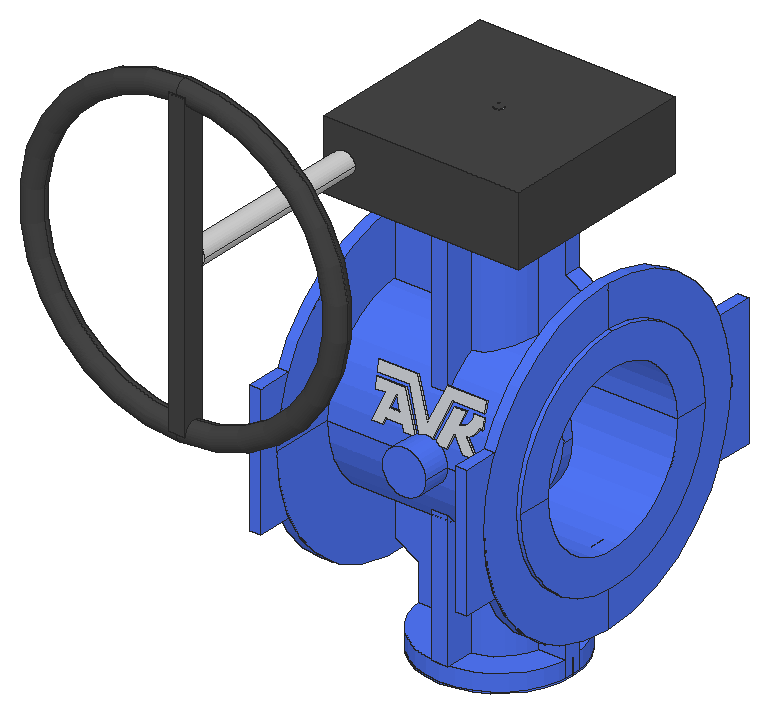
Revit family "756-100-771-DN150-1200", category Pipe Accessories, Revit 2019
Family settings
  Round Connector Dimension = Use Diameter
  Part Type = Valve - Breaks Into
  Work Plane-Based = No
  Always vertical = Yes
  Cut with Voids When Loaded = No
  Shared = No
Parameters (values of type "DN0150_PN25")
  W5(Addon) = if(DN > 699 mm, W5 / 1.075, if(DN > 449 mm, W5 / 1.1, if(DN > 149 mm, W5 / 1.2, W5 / 1.2)))  # 235 mm
  W5 = size_lookup(Search_table, "W5", 0 mm, DN)  # 282 mm
  W4 = size_lookup(Search_table, "W4", 0 mm, DN)  # 6 mm
  W3 = size_lookup(Search_table, "W3", 0 mm, DN)  # 6 mm
  W2 = size_lookup(Search_table, "W2", 0 mm, DN)  # 254 mm
  W1 = size_lookup(Search_table, "W1", 0 mm, DN)  # 162 mm
  URL_product_pages = "https://www.avkvalves.com/P.aspx?no=7560150174000"
  Rib_width_2 = Gear_box_Mount_Flange_width * 2  # 136 mm
  Rib_width = L - (Flange_Thickness * 2)  # 180 mm
  Rib_height_2 = H1 - Flange_OD  # 48 mm
  Rib_depth = if(DN > 149 mm, 15 mm, if(DN > 299 mm, 15 mm, if(DN > 399 mm, 20 mm, 20 mm)))  # 15 mm
  Rib_height = Flange_OD / 1.1  # 129.545 mm
  Rf_Dia = size_lookup(Search_table, "RF_Dia", 0 mm, DN) / 2  # 105.5 mm
  RF_Cut_Thickness = 5 mm  # constant formula
  Pin_width = L / 2  # 105 mm
  Pin_dia = HW_rod_Dia * 2  # 40 mm
  Pin_Depth = (DN + size_lookup(Search_table, "Flange_OD", 0 mm, DN)) / 2  # 217.5 mm
  Offset = size_lookup(Search_table, "Offset", 0 mm, DN)  # 3 mm
  L2 = size_lookup(Search_table, "L2", 0 mm, DN)  # 1 mm
  L1 = size_lookup(Search_table, "L1", 0 mm, DN)  # 1 mm
  L = size_lookup(Search_table, "L", 0 mm, DN)  # 210 mm
  ID (Radius) = DN / 2  # 75 mm
  Hand_wheel_rod = size_lookup(Search_table, "Hand_wheel_rod", 0 mm, DN)  # 36.5 mm
  HW_rod_Dia = size_lookup(Search_table, "HW_rod_Dia", 0 mm, DN)  # 20 mm
  HW_height = W5 - (HW_rod_Dia / 2)  # 272 mm
  HW_Ref = size_lookup(Search_table, "HW_Ref", 0 mm, DN)  # 71 mm
  HW_Connecting_Rib_ref = (W2 + H1) / 2  # 222.25 mm
  HW_Connecting_Rib = D * 2  # 280 mm
  H2 = size_lookup(Search_table, "H2", 0 mm, DN)  # 192 mm
  H1 = size_lookup(Search_table, "H1", 0 mm, DN)  # 190.5 mm
  Gear_box_width = Gear_box_Mount_Flange_width * 1.32  # 89.76 mm
  Flange_Thickness = size_lookup(Search_table, "Flange_Thickness", 0 mm, DN)  # 15 mm
  Flange_OD = size_lookup(Search_table, "Flange_OD", 0 mm, DN) / 2  # 142.5 mm
  Disc_Dia = size_lookup(Search_table, "Disc_Dia", 0 mm, DN)  # 133 mm
  Disc _width = if(DN > 499 mm, 35 mm, if(DN > 399 mm, 25 mm, if(DN > 349 mm, 20 mm, if(DN > 249 mm, 15 mm, if(DN > 149 mm, 10 mm, 10 mm)))))  # 10 mm
  Description_ = "AVK DOUBLE ECC. BUTTERFLY VALVE, LONG"
  DN900_PN25 = "756-0900-1-74000"
  DN800_PN25 = "756-0800-1-74000"
  DN700_PN25 = "756-0700-1-74000"
  DN1200_PN25 = "756-1200-1-74000"
  DN1000_PN25 = "756-1000-1-74000"
  DN = 150 mm
  Search_table = "756-100-771-DN150-1200"
  DN600_PN25 = "756-0600-1-74000"
  DN500_PN25 = "756-0500-1-74000"
  DN450_PN25 = "756-0450-1-74000"
  DN400_PN25 = "756-0400-1-74000"
  DN350_PN25 = "756-0350-1-74000"
  DN300_PN25 = "756-0300-1-74000"
  DN250_PN25 = "756-0250-1-74000"
  DN200_PN25 = "756-0200-1-74000"
  DN150_PN25 = "756-0150-1-74000"
  D1 = 12.3 mm  # constant formula
  D = size_lookup(Search_table, "D", 0 mm, DN) / 2 - (HW_rod_Dia / 2)  # 140 mm
  C_rod = if(DN > 499 mm, 34 mm, if(DN > 399 mm, 24 mm, if(DN > 349 mm, 19 mm, if(DN > 249 mm, 14 mm, if(DN > 149 mm, 9 mm, 9 mm)))))  # 9 mm
  Bottom_width = size_lookup(Search_table, "Bottom_width", 0 mm, DN)  # 120 mm
  Bottom_Depth = DN * 1.5  # 225 mm
  Gear_box_Mount_width = size_lookup(Search_table, "Gear_box_Mount_width", 0 mm, DN) * 2  # 43 mm
  Gear_box_Mount_Flange_width = size_lookup(Search_table, "Gear_box_Mount_Flange_width", 0 mm, DN) / 2  # 68 mm
  Gear_box_Mount_Flange_thickness = size_lookup(Search_table, "Gear_box_Mount_Flange_thickness", 0 mm, DN)  # 15 mm
  Body_wallthickness = 10 mm  # constant formula
Types (15, lengths in mm): name | W5(Addon) | W5 | W4 | W3 | W2 | W1 | Rib_width_2 | Rib_width | Rib_height_2 | Rib_height | Rf_Dia | Pin_width | Pin_Depth | Offset | L2 | L1 | L | ID (Radius) | Hand_wheel_rod | HW_height | HW_Ref | HW_Connecting_Rib_ref | HW_Connecting_Rib | H2 | H1 | Gear_box_width | Flange_Thickness | Flange_OD | Disc_Dia | Disc _width | DN | D | C_rod | Bottom_width | Bottom_Depth | Gear_box_Mount_width | Gear_box_Mount_Flange_width | Gear_box_Mount_Flange_thickness
  (no name) | 235 | 282 | 6 | 6 | 254 | 162 | 136 | 180 | 48 | 129.545 | 105.5 | 105 | 217.5 | 3 | 1 | 1 | 210 | 75 | 36.5 | 272 | 71 | 222.25 | 280 | 192 | 190.5 | 89.76 | 15 | 142.5 | 133 | 10 | 150 | 140 | 9 | 120 | 225 | 43 | 68 | 15
  DN0150_PN25 | 235 | 282 | 6 | 6 | 254 | 162 | 136 | 180 | 48 | 129.545 | 105.5 | 105 | 217.5 | 3 | 1 | 1 | 210 | 75 | 36.5 | 272 | 71 | 222.25 | 280 | 192 | 190.5 | 89.76 | 15 | 142.5 | 133 | 10 | 150 | 140 | 9 | 120 | 225 | 43 | 68 | 15
  DN0200_PN25 | 230.833 | 277 | 6 | 6 | 288 | 190 | 136 | 200 | 46.5 | 154.545 | 133 | 115 | 270 | 5 | 1 | 1 | 230 | 100 | 31.5 | 267 | 71 | 252.25 | 230 | 223 | 216.5 | 89.76 | 15 | 170 | 180 | 10 | 200 | 115 | 9 | 140 | 300 | 43 | 68 | 15
  DN0250_PN25 | 255 | 306 | 6 | 6 | 333 | 223 | 124 | 220 | 48 | 184.091 | 159.5 | 125 | 327.5 | 5 | 1 | 1 | 250 | 125 | 31.5 | 296 | 71 | 291.75 | 380 | 268 | 250.5 | 81.84 | 15 | 202.5 | 227 | 15 | 250 | 190 | 14 | 170 | 375 | 37 | 62 | 15
  DN0300_PN25 | 255 | 306 | 115 | 17 | 368 | 253 | 150 | 230 | 51.5 | 209.091 | 185 | 135 | 380 | 6 | 12 | 1 | 270 | 150 | 31 | 296 | 71 | 324.75 | 380 | 303 | 281.5 | 99 | 20 | 230 | 282.17 | 15 | 300 | 190 | 14 | 210 | 450 | 45 | 75 | 20
  DN0350_PN25 | 255 | 306 | 176 | 155 | 393 | 288 | 160 | 250 | 48 | 236.364 | 214.5 | 145 | 435 | 3 | 25 | 19 | 290 | 175 | 30.5 | 296 | 71 | 350.5 | 380 | 331 | 308 | 105.6 | 20 | 260 | 334 | 20 | 350 | 190 | 19 | 210 | 525 | 50 | 80 | 20
  DN0400_PN25 | 255 | 306 | 234 | 217 | 435 | 320 | 150 | 270 | 60 | 263.636 | 240 | 155 | 490 | 3 | 40 | 34 | 310 | 200 | 32 | 296 | 80 | 392.5 | 380 | 373 | 350 | 99 | 20 | 290 | 383 | 25 | 400 | 190 | 24 | 260 | 600 | 45 | 75 | 20
  DN0450_PN25 | 419.091 | 461 | 285 | 270 | 503 | 345 | 185 | 270 | 70 | 290.909 | 265 | 165 | 545 | 3 | 54 | 48 | 330 | 225 | 30 | 451 | 86 | 446.5 | 580 | 411 | 390 | 122.1 | 30 | 320 | 432 | 25 | 450 | 290 | 24 | 280 | 675 | 58 | 92.5 | 30
  DN0500_PN25 | 419.091 | 461 | 338 | 325 | 546 | 375 | 185 | 290 | 90 | 304.545 | 291 | 175 | 585 | 3 | 69 | 63 | 350 | 250 | 30 | 451 | 86 | 485.5 | 580 | 454 | 425 | 122.1 | 30 | 335 | 482.61 | 35 | 500 | 290 | 34 | 320 | 750 | 58 | 92.5 | 30
  DN0600_PN25 | 408.182 | 449 | 434 | 424 | 632 | 430 | 205 | 330 | 120 | 354.545 | 341 | 195 | 690 | 3 | 98 | 92 | 390 | 300 | 31.5 | 439 | 104 | 571 | 680 | 541 | 510 | 135.3 | 30 | 390 | 579 | 35 | 600 | 340 | 34 | 400 | 900 | 62.5 | 102.5 | 30
  DN0700_PN25 | 530.233 | 570 | 537 | 527 | 706 | 483 | 204 | 350 | 80 | 413.636 | 397 | 215 | 805 | 3 | 130 | 124 | 430 | 350 | 33 | 560 | 110 | 620.5 | 680 | 566 | 535 | 134.64 | 40 | 455 | 684 | 35 | 700 | 340 | 34 | 427 | 1050 | 62 | 102 | 30
  DN0800_PN25 | 530.233 | 570 | 635 | 626 | 815 | 546 | 223 | 390 | 107.5 | 465.909 | 450 | 235 | 912.5 | 3 | 161 | 155 | 470 | 400 | 36 | 560 | 125 | 717.5 | 680 | 650 | 620 | 147.18 | 40 | 512.5 | 786.5 | 35 | 800 | 340 | 34 | 460 | 1200 | 68 | 111.5 | 40
  DN0900_PN25 | 530.233 | 570 | 729 | 721 | 865 | 593 | 241 | 430 | 112 | 510.909 | 500 | 255 | 1012 | 3 | 191 | 185 | 510 | 450 | 39 | 560 | 128 | 769.5 | 680 | 701 | 674 | 159.06 | 40 | 562 | 886.5 | 35 | 900 | 340 | 34 | 524 | 1350 | 74 | 120.5 | 40
  DN1000_PN25 | 530.233 | 570 | 824 | 813 | 935 | 663 | 259 | 470 | 117.5 | 570.455 | 556 | 275 | 1127.5 | 3 | 222 | 216 | 550 | 500 | 42 | 560 | 130 | 840 | 680 | 771 | 745 | 170.94 | 40 | 627.5 | 988 | 35 | 1000 | 340 | 34 | 588 | 1500 | 80 | 129.5 | 40
  DN1200_PN25 | 586.512 | 630.5 | 987 | 982 | 1031 | 768 | 277 | 550 | 107.5 | 675 | 666 | 315 | 1342.5 | 3 | 272 | 268 | 630 | 600 | 45 | 620.5 | 128 | 940.5 | 680 | 899 | 850 | 182.82 | 40 | 742.5 | 1172.5 | 35 | 1200 | 340 | 34 | 653 | 1800 | 84 | 138.5 | 40
Reference planes
  plane 1 "Center (Front/Back)": y = 0
  plane 2: z = 0
  plane 3 "Center (Left/Right)": x = 0
  plane 4: y = 75
  plane 5: y = 85
  plane 6: x = 105
  plane 7: x = 90
  plane 8: x = -90
  plane 9: x = -105
  plane 10: z = 190.5
  plane 11: x = 68
  plane 12: z = 175.5
  plane 13: z = -190.5
  plane 14: x = 68
  plane 15: z = -175.5
  plane 16: x = 43
  plane 17: x = 68
  plane 18: x = -68
  plane 19: z = 190.5
  plane 20: z = 142.5
  plane 21: z = 75
  plane 22: x = 90
  plane 23: x = -90
  plane 24: z = 129.545
  plane 25: y = 7.5
  plane 26: y = -7.5
  plane 27: x = 68
  plane 28: x = -68
  plane 29: z = -190.5
  plane 30: z = -142.5
  plane 31: z = -75
  plane 32: x = 90
  plane 33: x = -90
  plane 34: z = -129.545
  plane 35: y = 68
  plane 36: y = -68
  plane 37: x = -7.5
  plane 38: x = 7.5
  plane 39: z = 60
  plane 40: z = -60
  plane 41: y = -162
  plane 42: y = 162
  plane 43: z = 254
  plane 44: x = -89.76
  plane 45: x = 89.76
  plane 46: y = 89.76
  plane 47: y = -89.76
  plane 48: y = -282
  plane 49: y = -262
  plane 50: z = -192
  plane 51: z = 254
  plane 52: x = 43
  plane 53: y = 75
  plane 54: y = -75
  plane 55: y = 108.75
  plane 56: y = -108.75
  plane 57: x = -71
  plane 58: z = 222.25
  plane 59: x = -403
  plane 60: x = -3
  plane 61: z = 86.159
  plane 62: z = -77.255
  plane 63: y = -5
  plane 64: y = 5
  plane 65: z = 369.956
  plane 66: z = -319.045
  plane 67: z = -4.897
  plane 68: z = 3
  plane 69: z = -3
  plane 70: y = -235
  plane 71: z = 57.131
  plane 72: z = -57.131
  plane 73: z = -3
  plane 74: z = 3
  plane 75: z = 228.4
  plane 76: z = 216.1
  plane 77: y = -272
Forms (mm)
  Revolve 1, solid, material "Plastic"
    sketch origin (0, 0, 0) x (1, 0, 0) y (0, 1, 0)
      loop
        line (-90, 85) -> (-90, 142.5) -> (-105, 142.5) -> (-105, 75) -> (105, 75) -> (105, 142.5) -> (90, 142.5) -> (90, 85) -> (-90, 85)
      axis (-105, 0) -> (105, 0)
    angle from 0 to 360
  Revolve 2, solid, material "Plastic"
    sketch origin (0, 0, 0) x (1, 0, 0) y (0, 0, 1)
      loop
        line (43, 175.5) -> (68, 175.5) -> (68, 190.5) -> (0, 190.5) -> (0, 75) -> (43, 75) -> (43, 175.5)
      axis (0, 75) -> (0, 190.5)
    angle from 0 to 360
  Revolve 3, solid, material "Plastic"
    sketch origin (0, 0, 0) x (1, 0, 0) y (0, 0, -1)
      loop
        line (43, 75) -> (43, 175.5) -> (68, 175.5) -> (68, 190.5) -> (0, 190.5) -> (0, 75) -> (43, 75)
      axis (0, 75) -> (0, 190.5)
    angle from 0 to 360
  Revolve 4, solid, material "Plastic"
    sketch origin (0, 0, 0) x (1, 0, 0) y (0, 0, 1)
      loop
        line (0, -190.5) -> (0, -192) -> (68, -192) -> (68, -190.5) -> (0, -190.5)
      axis (0, -192) -> (0, -190.5)
    angle from 0 to 360
  Extrusion 5, solid, material "Plastic"
    sketch origin (0, 0, 0) x (1, 0, 0) y (0, 0, 1)
      loop
        line (68, 190.5) -> (-68, 190.5) -> (-68, 142.5) -> (-90, 129.545) -> (-90, 75) -> (90, 75) -> (90, 129.545) -> (68, 142.5) -> (68, 190.5)
    from -7.5 to 7.5
  Extrusion 6, solid, material "Plastic"
    sketch origin (0, 0, 0) x (1, 0, 0) y (0, 0, 1)
      loop
        line (68, -190.5) -> (68, -142.5) -> (90, -129.545) -> (90, -75) -> (-90, -75) -> (-90, -129.545) -> (-68, -142.5) -> (-68, -190.5) -> (68, -190.5)
    from -7.5 to 7.5
  Extrusion 7, solid, material "Plastic"
    sketch origin (0, 0, 0) x (0, 1, 0) y (0, 0, 1)
      loop
        line (68, 175.5) -> (-68, 175.5) -> (-68, -175.5) -> (68, -175.5) -> (68, 175.5)
    from -7.5 to 7.5
  Extrusion 8, solid, material "Plastic"
    sketch origin (0, 0, 0) x (0, 1, 0) y (0, 0, 1)
      loop
        line (162, -60) -> (162, 60) -> (129.253, 60)
        arc (129.253, 60) -> (139.149, 30.723) -> (142.5, 0) r 142.5
        arc (142.5, 0) -> (139.149, -30.723) -> (129.253, -60) r 142.5
        line (129.253, -60) -> (162, -60)
      loop
        line (-162, 60) -> (-162, -60) -> (-129.253, -60)
        arc (-129.253, -60) -> (-139.149, -30.723) -> (-142.5, 0) r 142.5
        arc (-142.5, 0) -> (-139.149, 30.723) -> (-129.253, 60) r 142.5
        line (-129.253, 60) -> (-162, 60)
    from 90 to 105
  Extrusion 9, void
    sketch origin (0, 0, 0) x (0, 1, 0) y (0, 0, 1)
      loop
        circle (0, 0) r 75
    from -105 to 105
  Extrusion 10, solid, material "Plastic"
    sketch origin (0, 0, 0) x (0, 1, 0) y (0, 0, -1)
      loop
        line (-162, -60) -> (-129.253, -60)
        arc (-129.253, -60) -> (-139.149, -30.723) -> (-142.5, 0) r 142.5
        arc (-142.5, 0) -> (-139.149, 30.723) -> (-129.253, 60) r 142.5
        line (-129.253, 60) -> (-162, 60) -> (-162, -60)
      loop
        line (162, 60) -> (129.253, 60)
        arc (129.253, 60) -> (139.149, 30.723) -> (142.5, 0) r 142.5
        arc (142.5, 0) -> (139.149, -30.723) -> (129.253, -60) r 142.5
        line (129.253, -60) -> (162, -60) -> (162, 60)
    from 90 to 105
  Extrusion 11, solid, material "Plastic(1)"
    sketch origin (0, 0, 0) x (1, 0, 0) y (0, 0, 1)
      loop
        line (-89.76, 190.5) -> (89.76, 190.5) -> (89.76, 254) -> (-89.76, 254) -> (-89.76, 190.5)
    from -89.76 to 89.76
  Extrusion 12, solid, material "Stainless Steel AISI 304(1)"
    sketch origin (0, 0, 0) x (1, 0, 0) y (0, 0, 1)
      loop
        circle (-71, 222.25) r 10
    from 0 to 262
  Extrusion 13, solid, material "Plastic"
    sketch origin (0, 0, 0) x (1, 0, 0) y (0, 0, 1)
      loop
        circle (0, 0) r 20
    from -108.75 to -75
  Extrusion 14, solid, material "Plastic"
    sketch origin (0, 0, 0) x (1, 0, 0) y (0, 0, 1)
      loop
        circle (0, 0) r 20
    from 108.75 to 75
  Extrusion 15, solid, material "Plastic"
    sketch origin (0, 0, 0) x (1, 0, 0) y (0, 0, 1)
      loop
        circle (-3, 0) r 66.5
    from -5 to 5
  Extrusion 16, solid
    sketch origin (0, 0, 0) x (1, 0, 0) y (0, 1, 0)
      loop
        circle (0, 0) r 4.5
    from -192 to 254
  Revolve 17, void
    sketch origin (0, 0, 0) x (1, 0, 0) y (0, 0, 1)
      loop
        line (100, 192) -> (100, 105.5) -> (105, 105.5) -> (105, 192) -> (100, 192)
      loop
        line (-100, 192) -> (-105, 192) -> (-105, 105.5) -> (-100, 105.5) -> (-100, 192)
      axis (-105, 0) -> (105, 0)
    angle from 0 to 360
  Revolve 18, solid, material "Plastic(1)"
    sketch origin (-71, -1524, 372.903) x (0, 0, 1) y (0, -1, 0)
      loop
        circle (-10.653, -1252) r 10
      axis (-150.653, -1252) -> (-150.653, -1251)
    angle from 0 to 360
  Extrusion 19, solid, material "Plastic(1)"
    sketch origin (0, 0, 0) x (1, 0, 0) y (0, 0, 1)
      loop
        line (-78.5, 362.25) -> (-78.5, 82.25) -> (-63.5, 82.25) -> (-63.5, 362.25) -> (-78.5, 362.25)
    from 282 to 262
Cuts and joins
  Extrusion 9, Revolve 17 cuts Revolve 1
  Extrusion 9 cuts Extrusion 7
  Extrusion 9, Revolve 17 cuts Extrusion 8
  Revolve 17 cuts Extrusion 10
Dimensions and locks
  equal spacing: plane 9, plane 3 "Center (Left/Right)", plane 6
  "L": plane 9 to plane 6
  "ID (Radius)": plane 4 to plane 1 "Center (Front/Back)"
  "Body_wallthickness": plane 5 to plane 4
  "Flange_Thickness": plane 7 to plane 6
  "Flange_Thickness": plane 9 to plane 8
  "Flange_OD": plane 1 "Center (Front/Back)" to Revolve 1 sketch curve
  "H1": plane 10 to level
  "Gear_box_Mount_Flange_thickness": plane 10 to plane 12
  "ID (Radius)": Revolve 2 sketch curve to level
  "Gear_box_Mount_Flange_width": plane 3 "Center (Left/Right)" to plane 11
  "Gear_box_Mount_Flange_thickness": plane 13 to plane 15
  "H1": level to plane 13
  "ID (Radius)": level to Revolve 3 sketch curve
  "Gear_box_Mount_Flange_width": Revolve 4 sketch curve to Revolve 4 sketch curve
  "ID (Radius)": plane 21 to level
  "H1": plane 19 to level
  "Gear_box_Mount_Flange_width": plane 3 "Center (Left/Right)" to plane 17
  "Gear_box_Mount_Flange_width": plane 18 to plane 3 "Center (Left/Right)"
  "Rib_height": plane 24 to level
  equal spacing: plane 25, plane 1 "Center (Front/Back)", plane 26
  "Rib_depth": plane 25 to plane 26
  equal spacing: plane 22, plane 3 "Center (Left/Right)", plane 23
  "Rib_width": plane 22 to plane 23
  "Rib_height_2": plane 19 to plane 20
  "Rib_height_2": plane 29 to plane 30
  "Rib_height": level to plane 34
  "Gear_box_Mount_Flange_width": plane 28 to plane 3 "Center (Left/Right)"
  "Gear_box_Mount_Flange_width": plane 3 "Center (Left/Right)" to plane 27
  "ID (Radius)": level to plane 31
  "H1": level to plane 29
  equal spacing: plane 32, plane 3 "Center (Left/Right)", plane 33
  "Rib_width": plane 32 to plane 33
  equal spacing: plane 35, plane 1 "Center (Front/Back)", plane 36
  equal spacing: plane 37, plane 3 "Center (Left/Right)", plane 38
  "Rib_depth": plane 37 to plane 38
  equal spacing: plane 42, plane 1 "Center (Front/Back)", plane 41
  "W1": plane 1 "Center (Front/Back)" to plane 41
  "W1": plane 42 to plane 1 "Center (Front/Back)"
  "Bottom_width": plane 39 to plane 40
  equal spacing: plane 39, level, plane 40
  "W2": plane 43 to level
  equal spacing: plane 45, plane 3 "Center (Left/Right)", plane 44
  equal spacing: plane 46, plane 1 "Center (Front/Back)", plane 47
  "Rib_width_2": plane 35 to plane 36
  "Gear_box_width": plane 45 to plane 3 "Center (Left/Right)"
  "Gear_box_width": plane 1 "Center (Front/Back)" to plane 47
  "W5": plane 1 "Center (Front/Back)" to plane 48  (x2)
  "H2": level to Revolve 4 sketch curve
  "HW_rod_Dia": plane 49 to plane 48
  "H2": level to plane 50
  "W2": plane 51 to level
  "W1": plane 1 "Center (Front/Back)" to Extrusion 10
  "Gear_box_Mount_width": plane 52 to plane 3 "Center (Left/Right)"
  "Gear_box_Mount_width": plane 3 "Center (Left/Right)" to plane 16
  "Gear_box_Mount_Flange_width": plane 3 "Center (Left/Right)" to plane 14
  "Pin_width": cut or joined group of Extrusion 8, Extrusion 9, Revolve 17 to Extrusion 13 sketch curve
  "H2": Extrusion 13 sketch curve to Revolve 4
  equal spacing: plane 53, plane 1 "Center (Front/Back)", plane 54
  "DN": plane 53 to plane 54
  equal spacing: plane 55, plane 1 "Center (Front/Back)", plane 56
  "Pin_Depth": plane 55 to plane 56
  "HW_Ref": plane 3 "Center (Left/Right)" to Extrusion 12 sketch curve
  "HW_Ref": plane 3 "Center (Left/Right)" to plane 57
  "HW_Connecting_Rib_ref": plane 58 to level
  plane 3 "Center (Left/Right)" to plane 59 = 403 mm
  cut or joined group of Revolve 1, Extrusion 9, Revolve 17 to cut or joined group of Revolve 1, Extrusion 9, Revolve 17 = 210 mm  (x2)
  "Offset": plane 60 to plane 3 "Center (Left/Right)"
  plane 61 to plane 62 = 163.413 mm
  cut or joined group of Revolve 1, Extrusion 9, Revolve 17 to Extrusion 15 = 35.5 mm
  Extrusion 15 to cut or joined group of Revolve 1, Extrusion 9, Revolve 17 = 41.5 mm
  equal spacing: plane 64, plane 1 "Center (Front/Back)", plane 63
  equal spacing: cut or joined group of Revolve 1, Extrusion 9, Revolve 17, Extrusion 16 sketch curve, cut or joined group of Revolve 1, Extrusion 9, Revolve 17
  equal spacing: plane 53, Extrusion 16 sketch curve, plane 54
  plane 65 to Extrusion 11 = 115.956 mm
  Revolve 4 to plane 66 = 127.045 mm
  "Disc _width": plane 64 to plane 63
  "HW_Connecting_Rib_ref": Extrusion 12 sketch curve to level
  "H2": Revolve 17 sketch curve to level
  "Rf_Dia": Revolve 17 sketch curve to level
  "RF_Cut_Thickness": Revolve 17 sketch curve to Revolve 17 sketch curve  (x2)
  "W5(Addon)": plane 1 "Center (Front/Back)" to plane 70
  "W3": plane 68 to plane 73
  "W4": plane 74 to plane 69
  equal spacing: plane 74, level, plane 69
  equal spacing: plane 68, level, plane 73
  "D1": plane 76 to plane 75
  equal spacing: plane 76, plane 58, plane 75
  "HW_height": plane 1 "Center (Front/Back)" to Revolve 18 sketch curve
  "D": Revolve 18 sketch curve to plane 58
  "HW_height": plane 1 "Center (Front/Back)" to plane 77
  equal spacing: Extrusion 19 sketch curve, plane 57, Extrusion 19 sketch curve
  "Rib_depth": Extrusion 19 sketch curve to Extrusion 19 sketch curve
  equal spacing: Extrusion 19 sketch curve, plane 58, Extrusion 19 sketch curve
  "HW_Connecting_Rib": Extrusion 19 sketch curve to Extrusion 19 sketch curve
  plane 1 "Center (Front/Back)" to plane 48 = 282 mm
  "Pin_dia": diameter of Extrusion 13 sketch curve
  "HW_rod_Dia": diameter of Extrusion 12 sketch curve
  "Disc_Dia": diameter of Extrusion 15 sketch curve
  "C_rod": diameter of Extrusion 16 sketch curve
  "HW_rod_Dia": diameter of Revolve 18 sketch curve
  aligned and locked: level to plane 2
  aligned and locked: plane 4 to Revolve 1 sketch curve
  aligned and locked: plane 5 to Revolve 1 sketch curve
  aligned and locked: Revolve 1 sketch curve to plane 6
  aligned and locked: plane 7 to Revolve 1 sketch curve
  aligned and locked: Revolve 1 sketch curve to plane 8
  aligned and locked: plane 9 to Revolve 1 sketch curve
  aligned and locked: Revolve 1 sketch curve to Revolve 1 sketch curve
  aligned and locked: plane 1 "Center (Front/Back)" to Revolve 1 sketch curve
  aligned and locked: Revolve 2 sketch curve to Revolve 2 sketch curve
  aligned and locked: plane 10 to Revolve 2 sketch curve
  aligned and locked: plane 11 to Revolve 2 sketch curve  (x2)
  aligned and locked: plane 12 to Revolve 2 sketch curve
  aligned and locked: Revolve 2 sketch curve to plane 3 "Center (Left/Right)"
  aligned and locked: Revolve 3 sketch curve to plane 14
  aligned and locked: plane 13 to Revolve 3 sketch curve
  aligned and locked: plane 3 "Center (Left/Right)" to Revolve 4 sketch curve  (x2)
  aligned and locked: plane 17 to Extrusion 5 sketch curve  (x2)
  aligned and locked: plane 19 to Extrusion 5 sketch curve  (x2)
  aligned and locked: plane 18 to Extrusion 5 sketch curve  (x2)
  aligned and locked: plane 20 to Extrusion 5 sketch curve  (x2)
  aligned and locked: plane 24 to Extrusion 5 sketch curve  (x2)
  aligned and locked: plane 22 to Extrusion 5 sketch curve
  aligned and locked: plane 23 to Extrusion 5 sketch curve
  aligned and locked: Extrusion 5 sketch curve to plane 23
  aligned and locked: plane 21 to Extrusion 5 sketch curve
  aligned and locked: Extrusion 5 sketch curve to plane 22
  aligned and locked: plane 25 to Extrusion 5
  aligned and locked: Extrusion 5 to plane 26
  aligned and locked: Extrusion 6 sketch curve to plane 27
  aligned and locked: plane 27 to Extrusion 6 sketch curve
  aligned and locked: Extrusion 6 sketch curve to plane 32  (x2)
  aligned and locked: Extrusion 6 sketch curve to plane 33  (x2)
  aligned and locked: Extrusion 6 sketch curve to plane 31
  aligned and locked: plane 31 to Extrusion 6 sketch curve
  aligned and locked: plane 34 to Extrusion 6 sketch curve  (x2)
  aligned and locked: Extrusion 6 sketch curve to plane 28
  aligned and locked: plane 30 to Extrusion 6 sketch curve  (x2)
  aligned and locked: plane 29 to Extrusion 6 sketch curve  (x2)
  aligned and locked: plane 28 to Extrusion 6 sketch curve
  aligned and locked: plane 35 to Extrusion 7 sketch curve
  aligned and locked: plane 36 to Extrusion 7 sketch curve
  aligned and locked: Extrusion 7 sketch curve to Revolve 2
  aligned and locked: Extrusion 7 to plane 38
  aligned and locked: plane 37 to Extrusion 7
  aligned and locked: plane 39 to Extrusion 8 sketch curve  (x4)
  aligned and locked: Extrusion 8 to Revolve 1  (x2)
  aligned and locked: Extrusion 9 sketch curve to Revolve 1  (x2)
  aligned and locked: plane 41 to Extrusion 8 sketch curve  (x2)
  aligned and locked: plane 40 to Extrusion 8 sketch curve  (x2)
  aligned and locked: plane 42 to Extrusion 8 sketch curve  (x2)
  aligned and locked: Extrusion 8 sketch curve to cut or joined group of Revolve 1, Extrusion 9, Revolve 17  (x4)
  aligned and locked: Extrusion 10 sketch curve to cut or joined group of Extrusion 8, Extrusion 9, Revolve 17  (x6)
  aligned and locked: Extrusion 10 sketch curve to cut or joined group of Revolve 1, Extrusion 9, Revolve 17  (x3)
  aligned and locked: Extrusion 10 to Extrusion 5
  aligned and locked: Extrusion 10 to cut or joined group of Revolve 1, Extrusion 9, Revolve 17
  aligned and locked: Extrusion 11 sketch curve to Revolve 2
  aligned and locked: plane 44 to Extrusion 11 sketch curve
  aligned and locked: plane 43 to Extrusion 11 sketch curve  (x2)
  aligned and locked: plane 45 to Extrusion 11 sketch curve
  aligned and locked: Extrusion 11 to plane 47
  aligned and locked: plane 46 to Extrusion 11
  aligned and locked: plane 52 to Revolve 2 sketch curve  (x2)
  aligned and locked: plane 16 to Revolve 3 sketch curve
  aligned and locked: plane 15 to Revolve 3 sketch curve  (x2)
  aligned and locked: Revolve 3 sketch curve to plane 3 "Center (Left/Right)"
  aligned and locked: plane 3 "Center (Left/Right)" to Revolve 3 sketch curve
  aligned and locked: Revolve 3 sketch curve to Revolve 3 sketch curve
  aligned and locked: plane 14 to Revolve 3 sketch curve
  aligned and locked: Extrusion 13 to plane 53
  aligned and locked: Extrusion 14 sketch curve to Extrusion 13  (x2)
  aligned and locked: plane 54 to Extrusion 14
  aligned and locked: Extrusion 13 to plane 55
  aligned and locked: plane 56 to Extrusion 14
  aligned and locked: Extrusion 9 to Revolve 1  (x2)
  aligned and locked: Extrusion 11 to Extrusion 16
  aligned and locked: Extrusion 16 to Revolve 4
  aligned and locked: Extrusion 15 to plane 64
  aligned and locked: Extrusion 15 to plane 63
  aligned and locked: Revolve 17 sketch curve to cut or joined group of Revolve 1, Extrusion 9, Revolve 17  (x2)
  aligned and locked: Revolve 17 sketch curve to Revolve 17 sketch curve  (x2)
  aligned and locked: Revolve 17 sketch curve to plane 2
  aligned and locked: Revolve 4 to Revolve 3
  aligned and locked: cut or joined group of Extrusion 7, Extrusion 9 to Revolve 3
  aligned and locked: plane 3 "Center (Left/Right)" to nested 1
  aligned and locked: plane 58 to Revolve 18 sketch curve
  aligned and locked: Extrusion 19 to plane 48
  aligned and locked: plane 49 to Extrusion 19
  aligned and locked: Extrusion 12 to plane 49
Automatic sketch dimensions
  Extrusion 10 sketch curve to Extrusion 10 sketch curve = 0 mm
  plane 8 to Revolve 1 sketch curve = 6 mm
  Revolve 1 sketch curve to plane 38 = 19.183 mm
  Revolve 2 sketch curve to plane 51 = 3.25 mm
  Revolve 2 sketch curve to plane 51 = 0.5 mm
  plane 72 to Revolve 3 sketch curve = 0.213 mm
  plane 50 to Revolve 3 sketch curve = 4.5 mm
  plane 50 to Revolve 4 sketch curve = 1.5 mm
  Revolve 4 sketch curve to Revolve 4 sketch curve = 2 mm
  plane 69 to Revolve 4 sketch curve = 0.5 mm
  plane 50 to Extrusion 7 sketch curve = 16.5 mm
  Extrusion 15 sketch curve to level = 0 mm
  plane 60 to Extrusion 15 sketch curve = 0 mm
  plane 37 to Revolve 17 sketch curve = 22.5 mm
  Revolve 17 sketch curve to plane 38 = 37.5 mm
  plane 48 to Revolve 18 sketch curve = 1 mm
  Revolve 18 sketch curve to Revolve 18 sketch curve = 3 mm
Nested families
  nested 1: "LOGO 100" at (0, -83.594, 15.394) x (1, 0, 0) z (0, -0.9835, 0.1811), type "LOGO 100"
Connectors
  piping at (-105, 0, 0), diameter 150, driven by "DN"
    settings: on Revolve 1, index 1, connector inside diameter 609.6 mm, connector length 0 mm, flow factor 0, pipe flow 0.0 L/s, pressure drop 0.0 Pa, fitting loss kfactor 0, connector angle 0.00°, fixture units 0, engagement length 0 mm, angle of deflection 0.00°, flow configuration 0, flow direction 0, fitting loss method 0, system type 7, joint type 0, gender type 0, connector reference index -1, connector utility 0, adjustable connector no, is connector primary yes, connector description ""
  piping at (105, 0, 0), diameter 150, driven by "DN"
    settings: on Revolve 1, index 2, connector inside diameter 609.6 mm, connector length 0 mm, flow factor 0, pipe flow 0.0 L/s, pressure drop 0.0 Pa, fitting loss kfactor 0, connector angle 0.00°, fixture units 0, engagement length 0 mm, angle of deflection 0.00°, flow configuration 0, flow direction 0, fitting loss method 0, system type 7, joint type 0, gender type 0, connector reference index -1, connector utility 0, adjustable connector no, is connector primary no, connector description ""
Definition of nested family "LOGO 100"
  Parameters (values of type "LOGO 100")
    Default Elevation = 1219.2 mm
    DN100 = yes
  Reference planes
    plane 1 "Center (Front/Back)": y = 0
    plane 2: z = 0
    plane 3 "Center (Left/Right)": x = 0
  Forms (mm)
    Extrusion 1, solid
      sketch origin (0, 0, 0) x (1, 0, 0) y (0, 1, 0)
        loop
          line (-1219.2, 1219.2) -> (-1219.2, -1219.2) -> (1219.2, -1219.2) -> (1219.2, 1219.2) -> (-1219.2, 1219.2)
      from 0 to -304.8
    Extrusion 2, solid, visible <- "DN100"
      sketch origin (0, 0, 0) x (1, 0, 0) y (0, 1, 0)
        loop
          line (-13.414, 47.067) -> (-49.421, 47.067) -> (-49.421, 37.301) -> (-20.11, 37.301) -> (-4.923, 0) -> (4.923, 0) -> (20.11, 37.301) -> (49.421, 37.301) -> (49.421, 47.067) -> (13.414, 47.067) -> (0, 14.12) -> (-13.414, 47.067)
        loop
          line (-49.421, 24.122) -> (-40.161, 24.122) -> (-49.421, 0) -> (-38.959, 0) -> (-36.972, 5.177) -> (-21.641, 5.177) -> (-19.533, 0) -> (-8.989, 0) -> (-22.642, 33.536) -> (-49.421, 33.536) -> (-49.421, 24.122)
        loop
          line (-34.548, 14.12) -> (-25.282, 14.12) -> (-30.051, 25.833) -> (-34.548, 14.12)
        loop
          line (22.642, 33.536) -> (8.989, 0) -> (19.533, 0) -> (24.902, 13.186) -> (34.838, 0) -> (47.067, 0) -> (35.829, 14.914)
          arc (35.829, 14.914) -> (42.384, 18.149) -> (46.597, 24.122) r 14.826
          line (46.597, 24.122) -> (49.421, 24.122) -> (49.421, 33.536) -> (40.007, 33.536)
          arc (40.007, 33.536) -> (36.577, 25.039) -> (28.208, 21.306) r 12.238
          line (28.208, 21.306) -> (33.187, 33.536) -> (22.642, 33.536)
      from 0 to 1
  Dimensions and locks
    aligned and locked: plane 2 to Extrusion 1
    aligned and locked: level to Extrusion 1
